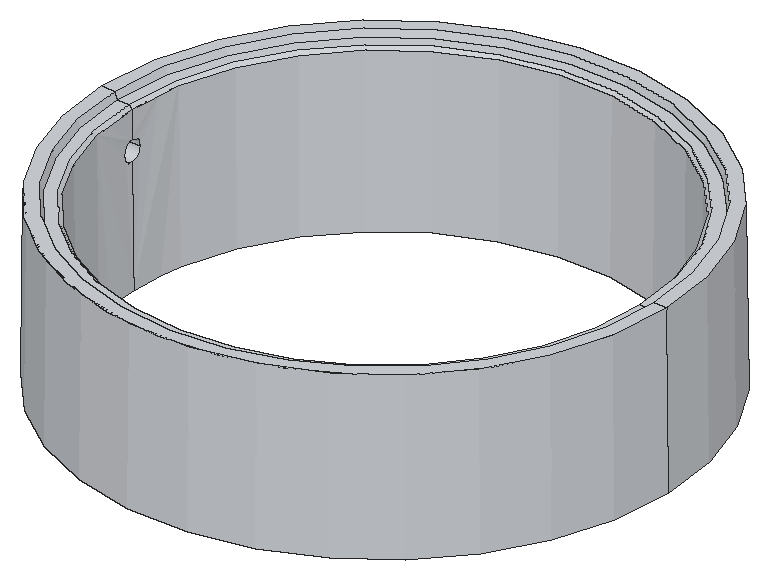
Revit family "Кольцо 1500х510 с замком КС 15.5", category Обобщенные модели, Revit 2023
Family settings
  Может служить основой для арматурных стержней = Нет
  Размер круглого соединителя = Использовать диаметр
  Тип детали = Нормальный
  На основе рабочей плоскости = Нет
  Всегда вертикально = Да
  При загрузке вырезать с полостями = Нет
  Сохранять ориентацию аннотаций = Нет
  Общий = Нет
  Точка принадлежности помещению = Нет
Parameters (values of type "Кольцо 1500х510 с замком КС 15.5")
  фаска = 10 mm
  толщ_на_h2_расч = (t1 - t2) / 2 * (h1 + h2) / ADSK_Размер_Высота + 10 mm  # 16.618 mm
  толщ_на_h1_расч = (t1 - t2) / 2 * h1 / ADSK_Размер_Высота + 10 mm  # 13.627 mm
  сужение_низ = 5 mm
  отступ_низ = 36 mm
  отступ_верх = 38.5 mm
  выступ = 20 mm
  вырез2 = no
  вырез1 = yes
  Отметка по умолчанию = 0 mm
  t2 = 90 mm
  t1 = 100 mm
  h2 = 305 mm
  h1 = 370 mm
  d1 = 20 mm * tan(20.00°)  # 7.279 mm
  ADSK_Размер_Диаметр = 1500 mm
  ADSK_Размер_Высота = 510 mm
  ADSK_Масса = 583
Reference planes
  plane 1 "По центру (Вперед/Назад)": y = 0
  plane 2: z = 0
  plane 3 "По центру (Влево/Вправо)": x = 0
  plane 4: x = 750
  plane 5: x = -750
  plane 6: y = 750
  plane 7: y = -750
  plane 8: z = 490
  plane 9: z = 510
  plane 10: z = 20
  plane 11: x = -845
  plane 12: x = 845
  plane 13: y = 845
  plane 14: y = -845
  plane 15: y = 840
  plane 16: y = -840
  plane 17: x = -840
  plane 18: x = 840
  plane 19: x = 786
  plane 20: x = 801.5
  plane 21: x = 794.221
  plane 22: x = 793.279
  plane 23: z = 480
  plane 24: x = 760
  plane 25: z = 370
  plane 26: z = 675
  plane 27: y = 745
  plane 28: y = -745
  plane 29: x = -745
  plane 30: x = 745
  plane 31: x = -828.382
  plane 32: x = -831.373
  plane 33: x = 828.382
  plane 34: x = 831.373
Forms (mm)
  Revolve 1, solid
    sketch origin (0, 0, 0) x (1, 0, 0) y (0, 0, 1)
      loop
        line (750, 480) -> (745, 0) -> (786, 0) -> (793.279, 20) -> (845, 20) -> (840, 510) -> (801.5, 510) -> (794.221, 490) -> (760, 490) -> (750, 480)
      axis (0, 0) -> (0, 510)
    angle from 0 to 360
  Extrusion 2, void
    sketch origin (0, 0, 0) x (0, -1, 0) y (0, 0, 1)
      loop
        circle (0, 370) r 30
    from -831.373 to 831.373
Cuts and joins
  Extrusion 2 cuts Revolve 1
Dimensions and locks
  equal spacing: plane 5, plane 3 "По центру (Влево/Вправо)", plane 4
  equal spacing: plane 7, plane 1 "По центру (Вперед/Назад)", plane 6
  "ADSK_Размер_Диаметр": plane 5 to plane 4
  "ADSK_Размер_Диаметр": plane 7 to plane 6
  "выступ": plane 9 to plane 8
  "выступ": plane 10 to level
  "t1": plane 11 to plane 29
  "t1": plane 30 to plane 12
  "t2": plane 6 to plane 15
  "t2": plane 16 to plane 7
  "t2": plane 17 to plane 5
  "t2": plane 4 to plane 18
  "отступ_низ": plane 19 to plane 4
  "отступ_верх": plane 18 to plane 20
  "d1": plane 20 to plane 21
  "d1": plane 22 to plane 19
  "фаска": plane 8 to plane 23
  "фаска": plane 24 to plane 4
  "h1": plane 25 to level
  "h2": plane 26 to plane 25
  "ADSK_Размер_Высота": plane 9 to level
  "сужение_низ": plane 5 to plane 29
  "сужение_низ": plane 30 to plane 4
  "сужение_низ": plane 27 to plane 6
  "сужение_низ": plane 7 to plane 28
  "t1": plane 14 to plane 28
  "t1": plane 27 to plane 13
  "толщ_на_h2_расч": plane 31 to plane 11
  "толщ_на_h1_расч": plane 32 to plane 11
  "толщ_на_h2_расч": plane 12 to plane 33
  "толщ_на_h1_расч": plane 12 to plane 34
  aligned and locked: level to plane 2
  aligned and locked: Revolve 1 sketch curve to plane 8
  aligned and locked: Revolve 1 sketch curve to plane 9
  aligned and locked: plane 10 to Revolve 1 sketch curve
  aligned and locked: Revolve 1 sketch curve to level
  aligned and locked: Extrusion 2 to plane 32
  aligned and locked: plane 34 to Extrusion 2
Automatic sketch dimensions
  Revolve 1 sketch curve to level = 0 mm
  Revolve 1 sketch curve to plane 3 "По центру (Влево/Вправо)" = 0 mm
  Revolve 1 sketch curve to plane 30 = 0 mm
  Revolve 1 sketch curve to plane 4 = 0 mm
  Revolve 1 sketch curve to plane 24 = 0 mm
  Revolve 1 sketch curve to plane 19 = 0 mm
  Revolve 1 sketch curve to plane 22 = 0 mm
  Revolve 1 sketch curve to plane 21 = 0 mm
  Revolve 1 sketch curve to plane 20 = 0 mm
  Revolve 1 sketch curve to plane 18 = 0 mm
  Revolve 1 sketch curve to plane 12 = 0 mm
  Revolve 1 sketch curve to plane 23 = 0 mm
  Revolve 1 sketch curve to plane 9 = 0 mm
  Extrusion 2 sketch curve to plane 1 "По центру (Вперед/Назад)" = 0 mm
  Extrusion 2 sketch curve to plane 25 = 0 mm
  radius of Extrusion 2 sketch curve = 30 mm
